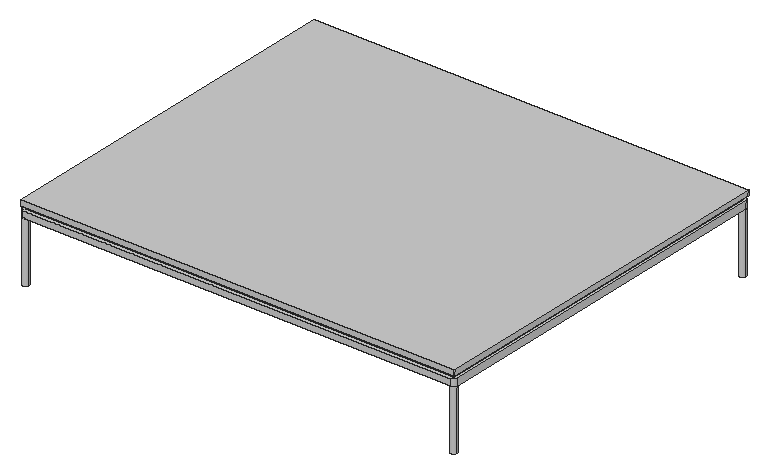
Revit family "Haworth_Mex-Hi_OccasionalTable", category Furniture, Revit 2018 (continued)
Definition of nested family "Haworth_Mex-Hi_Table_Frame-Small-PART"
  Forms (in)
    Extrusion 11, solid, material <- "Trim Finish"
      sketch origin (0.04687, -36.394, 3.79488) x (1, 0, 0) y (0, 1, 0)
        loop
          circle (7.7227, 20.48367) r 0.15717
      from 6.72301 to 8.24231
    Blend 12, solid, material <- "Trim Finish"
      base sketch origin (0.04687, -36.394, 3.79488) x (1, 0, 0) y (0, 1, 0)
        loop
          circle (7.7227, 20.48367) r 0.15717
      top sketch origin (0.04687, -36.394, 3.79488) x (1, 0, 0) y (0, 1, 0)
        loop
          circle (7.7227, 20.48367) r 0.10912
      from 8.24261 to 8.29182
    Extrusion 13, solid, material <- "Trim Finish"
      sketch origin (0.04687, -36.394, 3.79488) x (1, 0, 0) y (0, 1, 0)
        loop
          arc (7.09468, 19.89312) -> (7.7227, 20.03978) -> (8.35073, 19.89312) r 1.41798
          arc (8.35073, 19.89312) -> (8.37395, 19.89082) -> (8.39292, 19.90442) r 0.03309
          arc (8.39292, 19.90442) -> (8.48847, 20.04156) -> (8.55946, 20.19289) r 0.9848
          arc (8.55946, 20.19289) -> (8.55915, 20.21832) -> (8.54367, 20.2385) r 0.0403
          arc (8.54367, 20.2385) -> (8.1083, 20.7063) -> (7.92086, 21.31725) r 1.4265
          arc (7.92086, 21.31725) -> (7.91102, 21.34085) -> (7.88895, 21.35375) r 0.04024
          arc (7.88895, 21.35375) -> (7.7227, 21.37092) -> (7.55646, 21.35375) r 0.81353
          arc (7.55646, 21.35375) -> (7.53438, 21.34084) -> (7.52453, 21.31724) r 0.04026
          arc (7.52453, 21.31724) -> (7.34012, 20.70454) -> (6.90172, 20.23849) r 1.39588
          arc (6.90172, 20.23849) -> (6.88568, 20.21832) -> (6.88609, 20.19254) r 0.03826
          arc (6.88609, 20.19254) -> (6.95733, 20.04175) -> (7.0523, 19.90465) r 1.01541
          arc (7.0523, 19.90465) -> (7.07165, 19.89213) -> (7.09468, 19.89312) r 0.03795
      from 6.52714 to 6.91262
    Extrusion 14, solid, material <- "Trim Finish"
      sketch origin (-12.66166, -36.394, 3.79488) x (-1, 0, 0) y (0, -1, 0)
        loop
          circle (7.7227, -20.48367) r 0.37215
      from 6.91262 to 7.11257
    Extrusion 15, solid, material <- "Trim Finish"
      sketch origin (-12.66166, -36.394, 4.78241) x (-1, 0, 0) y (0, -1, 0)
        loop
          circle (7.7227, -20.48367) r 0.37215
      from 6.91262 to 7.11257
    Extrusion 16, solid, material <- "Trim Finish"
      sketch origin (-12.66166, -36.394, 3.79488) x (-1, 0, 0) y (0, -1, 0)
        loop
          circle (7.7227, -20.48367) r 0.15717
      from 6.72301 to 8.24231
    Blend 17, solid, material <- "Trim Finish"
      base sketch origin (-12.66166, -36.394, 3.79488) x (-1, 0, 0) y (0, -1, 0)
        loop
          circle (7.7227, -20.48367) r 0.15717
      top sketch origin (-12.66166, -36.394, 3.79488) x (-1, 0, 0) y (0, -1, 0)
        loop
          circle (7.7227, -20.48367) r 0.10912
      from 8.24261 to 8.29182
    Extrusion 18, solid, material <- "Trim Finish"
      sketch origin (-12.66166, -36.394, 3.79488) x (-1, 0, 0) y (0, -1, 0)
        loop
          arc (7.09468, -19.89312) -> (7.07165, -19.89213) -> (7.0523, -19.90465) r 0.03795
          arc (7.0523, -19.90465) -> (6.95733, -20.04175) -> (6.88609, -20.19254) r 1.01541
          arc (6.88609, -20.19254) -> (6.88568, -20.21832) -> (6.90172, -20.23849) r 0.03826
          arc (6.90172, -20.23849) -> (7.34012, -20.70454) -> (7.52453, -21.31724) r 1.39588
          arc (7.52453, -21.31724) -> (7.53438, -21.34084) -> (7.55646, -21.35375) r 0.04026
          arc (7.55646, -21.35375) -> (7.7227, -21.37092) -> (7.88895, -21.35375) r 0.81353
          arc (7.88895, -21.35375) -> (7.91102, -21.34085) -> (7.92086, -21.31725) r 0.04024
          arc (7.92086, -21.31725) -> (8.1083, -20.7063) -> (8.54367, -20.2385) r 1.4265
          arc (8.54367, -20.2385) -> (8.55915, -20.21832) -> (8.55946, -20.19289) r 0.0403
          arc (8.55946, -20.19289) -> (8.48847, -20.04156) -> (8.39292, -19.90442) r 0.9848
          arc (8.39292, -19.90442) -> (8.37395, -19.89082) -> (8.35073, -19.89312) r 0.03309
          arc (8.35073, -19.89312) -> (7.7227, -20.03978) -> (7.09468, -19.89312) r 1.41798
      from 6.52714 to 6.91262
    Extrusion 19, solid, material <- "Trim Finish"
      sketch origin (-12.66166, -0.91406, 3.79488) x (-1, 0, 0) y (0, -1, 0)
        loop
          circle (7.7227, 7.11633) r 0.37215
      from 6.91262 to 7.11257
    Extrusion 20, solid, material <- "Trim Finish"
      sketch origin (-12.66166, -0.91406, 4.78241) x (-1, 0, 0) y (0, -1, 0)
        loop
          circle (7.7227, 7.11633) r 0.37215
      from 6.91262 to 7.11257
    Extrusion 21, solid, material <- "Trim Finish"
      sketch origin (-12.66166, -0.91406, 3.79488) x (-1, 0, 0) y (0, -1, 0)
        loop
          circle (7.7227, 7.11633) r 0.15717
      from 6.72301 to 8.24231
    Blend 22, solid, material <- "Trim Finish"
      base sketch origin (-12.66166, -0.91406, 3.79488) x (-1, 0, 0) y (0, -1, 0)
        loop
          circle (7.7227, 7.11633) r 0.15717
      top sketch origin (-12.66166, -0.91406, 3.79488) x (-1, 0, 0) y (0, -1, 0)
        loop
          circle (7.7227, 7.11633) r 0.10912
      from 8.24261 to 8.29182
    Extrusion 23, solid, material <- "Trim Finish"
      sketch origin (-12.66166, -0.91406, 3.79488) x (-1, 0, 0) y (0, -1, 0)
        loop
          arc (7.09468, 7.70688) -> (7.07165, 7.70787) -> (7.0523, 7.69535) r 0.03795
          arc (7.0523, 7.69535) -> (6.95733, 7.55825) -> (6.88609, 7.40746) r 1.01541
          arc (6.88609, 7.40746) -> (6.88568, 7.38168) -> (6.90172, 7.36151) r 0.03826
          arc (6.90172, 7.36151) -> (7.34012, 6.89546) -> (7.52453, 6.28276) r 1.39588
          arc (7.52453, 6.28276) -> (7.53438, 6.25916) -> (7.55646, 6.24625) r 0.04026
          arc (7.55646, 6.24625) -> (7.7227, 6.22908) -> (7.88895, 6.24625) r 0.81353
          arc (7.88895, 6.24625) -> (7.91102, 6.25915) -> (7.92086, 6.28275) r 0.04024
          arc (7.92086, 6.28275) -> (8.1083, 6.8937) -> (8.54367, 7.3615) r 1.4265
          arc (8.54367, 7.3615) -> (8.55915, 7.38168) -> (8.55946, 7.40711) r 0.0403
          arc (8.55946, 7.40711) -> (8.48847, 7.55844) -> (8.39292, 7.69558) r 0.9848
          arc (8.39292, 7.69558) -> (8.37395, 7.70918) -> (8.35073, 7.70688) r 0.03309
          arc (8.35073, 7.70688) -> (7.7227, 7.56022) -> (7.09468, 7.70688) r 1.41798
      from 6.52714 to 6.91262
    Extrusion 24, solid, material <- "Frame Finish"
      sketch origin (0, 0, 0) x (1, 0, 0) y (0, 1, 0)
        loop
          line (-20.97491, -5.22495) -> (-20.97491, -17.77587) -> (-19.78356, -17.77587) -> (-19.78356, -5.22495) -> (-20.97491, -5.22495)
        loop
          line (8.36012, -5.22495) -> (7.16878, -5.22495) -> (7.16878, -17.77587) -> (8.36012, -17.77587) -> (8.36012, -5.22495)
      from 11.01272 to 11.79999
    Extrusion 25, solid, material <- "Frame Finish"
      sketch origin (0, 0, 0) x (1, 0, 0) y (0, 1, 0)
        loop
          line (-23.42619, -18.95677) -> (11.10773, -18.95677)
          arc (11.10773, -18.95677) -> (11.16346, -18.93369) -> (11.18654, -18.87796) r 0.07881
          line (11.18654, -18.87796) -> (11.18654, -4.12306)
          arc (11.18654, -4.12306) -> (11.16339, -4.06719) -> (11.10752, -4.04404) r 0.07902
          line (11.10752, -4.04404) -> (-23.34976, -4.04404)
          arc (-23.34976, -4.04404) -> (-23.4038, -4.06643) -> (-23.42619, -4.12047) r 0.07643
          line (-23.42619, -4.12047) -> (-23.42619, -18.95677)
      from 11.79999 to 11.99695
  Cuts and joins
    joined: Extrusion 3, Extrusion 24
  Lines and regions (in)
    Masking region 1
      outline origin (0, 0, 0) x (1, 0, 0) y (0, 1, 0)
        loop
          line (-23.81989, -4.05) -> (-23.81989, -18.95)
          arc (-23.81989, -18.95) -> (-23.70274, -19.23284) -> (-23.41989, -19.35) r 0.4
          line (-23.41989, -19.35) -> (11.18011, -19.35)
          arc (11.18011, -19.35) -> (11.46295, -19.23284) -> (11.58011, -18.95) r 0.4
          line (11.58011, -18.95) -> (11.58011, -4.05)
          arc (11.58011, -4.05) -> (11.46295, -3.76716) -> (11.18011, -3.65) r 0.4
          line (11.18011, -3.65) -> (-23.41989, -3.65)
          arc (-23.41989, -3.65) -> (-23.70274, -3.76716) -> (-23.81989, -4.05) r 0.4
        loop
          arc (10.51803, -18.36708) -> (10.57376, -18.34399) -> (10.59685, -18.28826) r 0.07882
          line (10.59685, -18.28826) -> (10.59684, -4.71375)
          arc (10.59684, -4.71375) -> (10.5734, -4.65718) -> (10.51684, -4.63375) r 0.08
          line (10.51684, -4.63375) -> (-22.7567, -4.63375)
          arc (-22.7567, -4.63375) -> (-22.81312, -4.65711) -> (-22.83648, -4.71352) r 0.07978
          line (-22.83648, -4.71352) -> (-22.83648, -18.28618)
          arc (-22.83648, -18.28618) -> (-22.81279, -18.34338) -> (-22.75559, -18.36707) r 0.08089
          line (-22.75559, -18.36707) -> (10.51803, -18.36708)
        loop
          line (-22.24501, -17.77587) -> (10.00536, -17.77586) -> (10.00535, -5.22496) -> (-22.24501, -5.22495) -> (-22.24501, -17.77587)
    symbolic lines
      curve 1: line (-22.24502, -7.70688, 0) -> (-22.24502, -6.51554, 0)
      curve 2: line (10.00535, -6.51554, 0) -> (10.00535, -7.70688, 0)
      curve 3: line (-22.24502, -14.39885, 0) -> (-22.24502, -13.20751, 0)
      curve 4: line (10.00535, -13.20751, 0) -> (10.00535, -14.39885, 0)
      curve 5: line (10.00535, -7.3517, 0) -> (10.00535, -8.54305, 0)
      curve 6: line (-22.24502, -8.54305, 0) -> (-22.24502, -7.3517, 0)
      curve 7: line (10.00535, -15.29392, 0) -> (10.00535, -16.48526, 0)
      curve 8: line (-22.24502, -16.48526, 0) -> (-22.24502, -15.29392, 0)
      curve 9: line (-5.52434, -17.77587, 0) -> (-6.71568, -17.77587, 0)
      curve 10: line (-5.52434, -5.22495, 0) -> (-5.52434, -17.77587, 0)
      curve 11: line (-6.71568, -5.22495, 0) -> (-5.52434, -5.22495, 0)
      curve 12: line (-6.71568, -17.77587, 0) -> (-6.71568, -5.22495, 0)
      curve 13: line (-20.97491, -5.22495, 0) -> (-19.78356, -5.22495, 0)
      curve 14: line (-20.97491, -17.77587, 0) -> (-20.97491, -5.22495, 0)
      curve 15: line (-19.78356, -17.77587, 0) -> (-20.97491, -17.77587, 0)
      curve 16: line (-19.78356, -5.22495, 0) -> (-19.78356, -17.77587, 0)
      curve 17: line (8.36012, -5.22495, 0) -> (7.16878, -5.22495, 0)
      curve 18: line (8.36012, -17.77587, 0) -> (8.36012, -5.22495, 0)
      curve 19: line (7.16878, -17.77587, 0) -> (8.36012, -17.77587, 0)
      curve 20: line (7.16878, -5.22495, 0) -> (7.16878, -17.77587, 0)
  Dimensions and locks (in)
    equal spacing: plane 8 "Left", plane 2 "Center L/R", plane 7 "Right"
    "Actual Width": plane 8 "Left" to plane 7 "Right"
    equal spacing: plane 5 "Back", plane 3 "Center F/B", plane 6 "Front"
    "Actual Depth": plane 5 "Back" to plane 6 "Front"
    "Actual Height": plane 4 "Top" to plane 1
    plane 9 to level = 11.99695"
    locked: plane 10 to plane 9 at 0.6
    aligned and locked: plane 9 to Extrusion 25
    aligned and locked: Extrusion 25 to Extrusion 1
  Automatic sketch dimensions
    Extrusion 1 sketch curve to plane 8 "Left" = 0.00"
    Extrusion 1 sketch curve to plane 5 "Back" = 0.00"
    Extrusion 1 sketch curve to plane 6 "Front" = 0.00"
    Extrusion 1 sketch curve to plane 7 "Right" = 0.00"
    plane 8 "Left" to Extrusion 1 sketch curve = 0.39371"
    plane 8 "Left" to Extrusion 1 sketch curve = 0.40"
    Extrusion 1 sketch curve to Extrusion 1 sketch curve = 0.00629"
    Extrusion 1 sketch curve to Extrusion 1 sketch curve = 0.03931"  (x3)
    Extrusion 1 sketch curve to Extrusion 1 sketch curve = 0.07014"
    Extrusion 1 sketch curve to Extrusion 1 sketch curve = 0.03937"
    Extrusion 1 sketch curve to Extrusion 1 sketch curve = 0.00005"
    Extrusion 1 sketch curve to Extrusion 1 sketch curve = 0.0047"  (x2)
    Extrusion 1 sketch curve to Extrusion 1 sketch curve = 0.51097"
    Extrusion 1 sketch curve to Extrusion 1 sketch curve = 0.07978"
    Extrusion 1 sketch curve to Extrusion 1 sketch curve = 0.08089"
    Extrusion 1 sketch curve to Extrusion 1 sketch curve = 0.00"  (x3)
    Extrusion 1 sketch curve to plane 7 "Right" = 1.06327"
    Extrusion 1 sketch curve to plane 7 "Right" = 1.06208"
    Extrusion 1 sketch curve to Extrusion 1 sketch curve = 0.08"
    Extrusion 1 sketch curve to Extrusion 1 sketch curve = 0.07882"
    Extrusion 1 sketch curve to plane 7 "Right" = 0.47259"
    Extrusion 1 sketch curve to plane 7 "Right" = 0.47238"
    Extrusion 1 sketch curve to Extrusion 1 sketch curve = 0.00067"  (x2)
    Extrusion 1 sketch curve to Extrusion 1 sketch curve = 0.00091"
    Extrusion 1 sketch curve to Extrusion 1 sketch curve = 0.03859"
    Extrusion 1 sketch curve to Extrusion 1 sketch curve = 0.07238"
    Extrusion 1 sketch curve to plane 7 "Right" = 0.40"
    Extrusion 1 sketch curve to Extrusion 1 sketch curve = 0.00677"
    Extrusion 1 sketch curve to Extrusion 1 sketch curve = 0.51089"
    Extrusion 1 sketch curve to Extrusion 1 sketch curve = 0.51096"
    Extrusion 1 sketch curve to Extrusion 1 sketch curve = 0.66375"
    Extrusion 1 sketch curve to Extrusion 1 sketch curve = 0.07518"
    Extrusion 1 sketch curve to Extrusion 1 sketch curve = 0.07306"
    plane 8 "Left" to Extrusion 2 sketch curve = 0.39356"  (x2)
    Extrusion 2 sketch curve to plane 7 "Right" = 0.39356"  (x2)
    plane 6 "Front" to Extrusion 2 sketch curve = 0.39322"  (x2)
    Extrusion 2 sketch curve to plane 5 "Back" = 0.39322"  (x2)
    plane 8 "Left" to Extrusion 3 sketch curve = 0.98341"
    Extrusion 3 sketch curve to Extrusion 3 sketch curve = 0.07978"
    Extrusion 3 sketch curve to Extrusion 3 sketch curve = 0.08089"
    Extrusion 3 sketch curve to Extrusion 3 sketch curve = 0.00"  (x4)
    Extrusion 3 sketch curve to Extrusion 3 sketch curve = 0.51059"
    Extrusion 3 sketch curve to plane 7 "Right" = 1.57476"
    Extrusion 3 sketch curve to plane 7 "Right" = 1.57475"
    Extrusion 3 sketch curve to Extrusion 3 sketch curve = 0.51149"
    Extrusion 3 sketch curve to Extrusion 3 sketch curve = 0.51267"
    Extrusion 3 sketch curve to Extrusion 3 sketch curve = 0.08"
    Extrusion 3 sketch curve to Extrusion 3 sketch curve = 0.07882"
    plane 6 "Front" to Extrusion 3 sketch curve = 0.98292"
    plane 6 "Front" to Extrusion 3 sketch curve = 0.98293"
    Extrusion 3 sketch curve to Extrusion 3 sketch curve = 0.5103"
    Extrusion 3 sketch curve to Extrusion 3 sketch curve = 0.5124"
    Extrusion 3 sketch curve to plane 5 "Back" = 1.57496"
    Extrusion 3 sketch curve to plane 5 "Back" = 1.57495"
    Extrusion 3 sketch curve to Extrusion 3 sketch curve = 0.51121"
    Masking region 1 sketch curve to plane 8 "Left" = 0.00"
    Masking region 1 sketch curve to plane 6 "Front" = 0.00"
    Masking region 1 sketch curve to plane 5 "Back" = 0.00"
    Masking region 1 sketch curve to plane 7 "Right" = 0.00"
    plane 8 "Left" to Masking region 1 sketch curve = 0.40"  (x2)
    Masking region 1 sketch curve to Masking region 1 sketch curve = 0.58341"
    Masking region 1 sketch curve to Masking region 1 sketch curve = 0.07978"
    Masking region 1 sketch curve to Masking region 1 sketch curve = 0.08089"
    Masking region 1 sketch curve to Masking region 1 sketch curve = 0.00"  (x4)
    Masking region 1 sketch curve to Masking region 1 sketch curve = 0.5117"
    Masking region 1 sketch curve to plane 7 "Right" = 1.57476"
    Masking region 1 sketch curve to plane 7 "Right" = 1.57475"
    Masking region 1 sketch curve to Masking region 1 sketch curve = 0.51149"
    Masking region 1 sketch curve to Masking region 1 sketch curve = 0.51267"
    Masking region 1 sketch curve to Masking region 1 sketch curve = 0.08"
    Masking region 1 sketch curve to Masking region 1 sketch curve = 0.07882"
    Masking region 1 sketch curve to plane 7 "Right" = 0.40"
    Masking region 1 sketch curve to Masking region 1 sketch curve = 0.40"
    Masking region 1 sketch curve to Masking region 1 sketch curve = 0.58292"
    Masking region 1 sketch curve to Masking region 1 sketch curve = 0.58293"
    Masking region 1 sketch curve to Masking region 1 sketch curve = 0.5103"
    Masking region 1 sketch curve to Masking region 1 sketch curve = 0.5124"
    Masking region 1 sketch curve to plane 5 "Back" = 1.57496"
    Masking region 1 sketch curve to plane 5 "Back" = 1.57495"
    Masking region 1 sketch curve to Masking region 1 sketch curve = 0.51121"
    Extrusion 4 sketch curve to plane 7 "Right" = 3.81053"
    Extrusion 4 sketch curve to plane 3 "Center F/B" = 3.4696"
    Extrusion 5 sketch curve to plane 7 "Right" = 3.81053"
    Extrusion 5 sketch curve to plane 3 "Center F/B" = 3.4696"
    Extrusion 6 sketch curve to plane 7 "Right" = 3.81053"
    Extrusion 6 sketch curve to plane 3 "Center F/B" = 3.4696"
    Blend 7 sketch curve to plane 7 "Right" = 3.81053"  (x2)
    Blend 7 sketch curve to plane 3 "Center F/B" = 3.4696"  (x2)
    Extrusion 8 sketch curve to plane 7 "Right" = 5.40197"
    Extrusion 8 sketch curve to Extrusion 8 sketch curve = 0.79065"
    Extrusion 8 sketch curve to Extrusion 8 sketch curve = 0.15971"
    Extrusion 8 sketch curve to Extrusion 8 sketch curve = 0.64278"
    Extrusion 8 sketch curve to Extrusion 8 sketch curve = 0.07093"
    Extrusion 8 sketch curve to Extrusion 8 sketch curve = 0.08709"
    Extrusion 8 sketch curve to Extrusion 8 sketch curve = 0.64108"
    Extrusion 8 sketch curve to Extrusion 8 sketch curve = 0.114"
    Extrusion 8 sketch curve to Extrusion 8 sketch curve = 0.31603"
    Extrusion 8 sketch curve to Extrusion 8 sketch curve = 0.52868"
    Extrusion 8 sketch curve to Extrusion 8 sketch curve = 0.15569"
    Extrusion 8 sketch curve to Extrusion 8 sketch curve = 1.46296"
    Extrusion 8 sketch curve to plane 3 "Center F/B" = 1.60773"
    Extrusion 8 sketch curve to Extrusion 8 sketch curve = 1.30099"
    Extrusion 8 sketch curve to Extrusion 8 sketch curve = 0.00596"
    Extrusion 8 sketch curve to Extrusion 8 sketch curve = 0.28235"
    Extrusion 8 sketch curve to Extrusion 8 sketch curve = 0.27724"
    Extrusion 8 sketch curve to Extrusion 8 sketch curve = 0.32797"
    Extrusion 8 sketch curve to Extrusion 8 sketch curve = 0.0155"
    Extrusion 8 sketch curve to Extrusion 8 sketch curve = 0.02344"
    Extrusion 8 sketch curve to Extrusion 8 sketch curve = 0.75695"
    Extrusion 8 sketch curve to Extrusion 8 sketch curve = 0.00002"
    Extrusion 8 sketch curve to Extrusion 8 sketch curve = 1.19649"
    Extrusion 8 sketch curve to Extrusion 8 sketch curve = 0.10519"
    Extrusion 8 sketch curve to Extrusion 8 sketch curve = 0.03582"
    Extrusion 8 sketch curve to Extrusion 8 sketch curve = 0.00"  (x7)
    Extrusion 8 sketch curve to Extrusion 8 sketch curve = 0.02019"
    Extrusion 8 sketch curve to Extrusion 8 sketch curve = 0.01306"
    Extrusion 8 sketch curve to Extrusion 8 sketch curve = 0.04016"
    Extrusion 8 sketch curve to Extrusion 8 sketch curve = 0.02753"
    Extrusion 9 sketch curve to plane 7 "Right" = 3.81053"
    plane 6 "Front" to Extrusion 9 sketch curve = 3.43967"
    Extrusion 10 sketch curve to plane 7 "Right" = 3.81053"
    plane 6 "Front" to Extrusion 10 sketch curve = 3.43967"
    Extrusion 11 sketch curve to plane 7 "Right" = 3.81053"
    plane 6 "Front" to Extrusion 11 sketch curve = 3.43967"
    Blend 12 sketch curve to plane 7 "Right" = 3.81053"  (x2)
    plane 6 "Front" to Blend 12 sketch curve = 3.43967"  (x2)
    Extrusion 13 sketch curve to plane 7 "Right" = 5.40197"
    Extrusion 13 sketch curve to Extrusion 13 sketch curve = 0.79065"
    Extrusion 13 sketch curve to Extrusion 13 sketch curve = 0.15971"
    Extrusion 13 sketch curve to Extrusion 13 sketch curve = 0.64278"
    Extrusion 13 sketch curve to Extrusion 13 sketch curve = 0.07093"
    Extrusion 13 sketch curve to Extrusion 13 sketch curve = 0.08709"
    Extrusion 13 sketch curve to Extrusion 13 sketch curve = 0.64108"
    Extrusion 13 sketch curve to Extrusion 13 sketch curve = 0.114"
    Extrusion 13 sketch curve to Extrusion 13 sketch curve = 0.31603"
    Extrusion 13 sketch curve to Extrusion 13 sketch curve = 0.52868"
    Extrusion 13 sketch curve to Extrusion 13 sketch curve = 0.15569"
    Extrusion 13 sketch curve to Extrusion 13 sketch curve = 1.46296"
    plane 6 "Front" to Extrusion 13 sketch curve = 1.5778"
    Extrusion 13 sketch curve to Extrusion 13 sketch curve = 1.30099"
    Extrusion 13 sketch curve to Extrusion 13 sketch curve = 0.00596"
    Extrusion 13 sketch curve to Extrusion 13 sketch curve = 0.28235"
    Extrusion 13 sketch curve to Extrusion 13 sketch curve = 0.27724"
    Extrusion 13 sketch curve to Extrusion 13 sketch curve = 0.32797"
    Extrusion 13 sketch curve to Extrusion 13 sketch curve = 0.0155"
    Extrusion 13 sketch curve to Extrusion 13 sketch curve = 0.02344"
    Extrusion 13 sketch curve to Extrusion 13 sketch curve = 0.75695"
    Extrusion 13 sketch curve to Extrusion 13 sketch curve = 0.00002"
    Extrusion 13 sketch curve to Extrusion 13 sketch curve = 1.19649"
    Extrusion 13 sketch curve to Extrusion 13 sketch curve = 0.10519"
    Extrusion 13 sketch curve to Extrusion 13 sketch curve = 0.03582"
    Extrusion 13 sketch curve to Extrusion 13 sketch curve = 0.00"  (x7)
    Extrusion 13 sketch curve to Extrusion 13 sketch curve = 0.02019"
    Extrusion 13 sketch curve to Extrusion 13 sketch curve = 0.01306"
    Extrusion 13 sketch curve to Extrusion 13 sketch curve = 0.04016"
    Extrusion 13 sketch curve to Extrusion 13 sketch curve = 0.02753"
    Extrusion 14 sketch curve to plane 8 "Left" = 3.43553"
    Extrusion 14 sketch curve to plane 6 "Front" = 3.43967"
    plane 8 "Left" to Extrusion 15 sketch curve = 3.43553"
    plane 6 "Front" to Extrusion 15 sketch curve = 3.43967"
    Extrusion 16 sketch curve to plane 8 "Left" = 3.43553"
    Extrusion 16 sketch curve to plane 6 "Front" = 3.43967"
    Blend 17 sketch curve to plane 8 "Left" = 3.43553"  (x2)
    Blend 17 sketch curve to plane 6 "Front" = 3.43967"  (x2)
    Extrusion 18 sketch curve to plane 8 "Left" = 5.02697"
    Extrusion 18 sketch curve to Extrusion 18 sketch curve = 0.79065"
    Extrusion 18 sketch curve to Extrusion 18 sketch curve = 0.15971"
    Extrusion 18 sketch curve to Extrusion 18 sketch curve = 0.64278"
    Extrusion 18 sketch curve to Extrusion 18 sketch curve = 0.07093"
    Extrusion 18 sketch curve to Extrusion 18 sketch curve = 0.08709"
    Extrusion 18 sketch curve to Extrusion 18 sketch curve = 0.64108"
    Extrusion 18 sketch curve to Extrusion 18 sketch curve = 0.114"
    Extrusion 18 sketch curve to Extrusion 18 sketch curve = 0.31603"
    Extrusion 18 sketch curve to Extrusion 18 sketch curve = 0.52868"
    Extrusion 18 sketch curve to Extrusion 18 sketch curve = 0.15569"
    Extrusion 18 sketch curve to Extrusion 18 sketch curve = 1.46296"
    Extrusion 18 sketch curve to plane 6 "Front" = 1.5778"
    Extrusion 18 sketch curve to Extrusion 18 sketch curve = 1.30099"
    Extrusion 18 sketch curve to Extrusion 18 sketch curve = 0.00596"
    Extrusion 18 sketch curve to Extrusion 18 sketch curve = 0.28235"
    Extrusion 18 sketch curve to Extrusion 18 sketch curve = 0.27724"
    Extrusion 18 sketch curve to Extrusion 18 sketch curve = 0.32797"
    Extrusion 18 sketch curve to Extrusion 18 sketch curve = 0.0155"
    Extrusion 18 sketch curve to Extrusion 18 sketch curve = 0.02344"
    Extrusion 18 sketch curve to Extrusion 18 sketch curve = 0.75695"
    Extrusion 18 sketch curve to Extrusion 18 sketch curve = 0.00002"
    Extrusion 18 sketch curve to Extrusion 18 sketch curve = 1.19649"
    Extrusion 18 sketch curve to Extrusion 18 sketch curve = 0.10519"
    Extrusion 18 sketch curve to Extrusion 18 sketch curve = 0.03582"
    Extrusion 18 sketch curve to Extrusion 18 sketch curve = 0.00"  (x7)
    Extrusion 18 sketch curve to Extrusion 18 sketch curve = 0.02019"
    Extrusion 18 sketch curve to Extrusion 18 sketch curve = 0.01306"
    Extrusion 18 sketch curve to Extrusion 18 sketch curve = 0.04016"
    Extrusion 18 sketch curve to Extrusion 18 sketch curve = 0.02753"
    plane 8 "Left" to Extrusion 19 sketch curve = 3.43553"
    Extrusion 19 sketch curve to plane 3 "Center F/B" = 3.4696"
    plane 8 "Left" to Extrusion 20 sketch curve = 3.43553"
    Extrusion 20 sketch curve to plane 3 "Center F/B" = 3.4696"
    plane 8 "Left" to Extrusion 21 sketch curve = 3.43553"
    Extrusion 21 sketch curve to plane 3 "Center F/B" = 3.4696"
    plane 8 "Left" to Blend 22 sketch curve = 3.43553"  (x2)
    Blend 22 sketch curve to plane 3 "Center F/B" = 3.4696"  (x2)
    plane 8 "Left" to Extrusion 23 sketch curve = 5.02697"
    Extrusion 23 sketch curve to Extrusion 23 sketch curve = 0.79065"
    Extrusion 23 sketch curve to Extrusion 23 sketch curve = 0.15971"
    Extrusion 23 sketch curve to Extrusion 23 sketch curve = 0.64278"
    Extrusion 23 sketch curve to Extrusion 23 sketch curve = 0.07093"
    Extrusion 23 sketch curve to Extrusion 23 sketch curve = 0.08709"
    Extrusion 23 sketch curve to Extrusion 23 sketch curve = 0.64108"
    Extrusion 23 sketch curve to Extrusion 23 sketch curve = 0.114"
    Extrusion 23 sketch curve to Extrusion 23 sketch curve = 0.31603"
    Extrusion 23 sketch curve to Extrusion 23 sketch curve = 0.52868"
    Extrusion 23 sketch curve to Extrusion 23 sketch curve = 0.15569"
    Extrusion 23 sketch curve to Extrusion 23 sketch curve = 1.46296"
    Extrusion 23 sketch curve to plane 5 "Back" = 3.44451"
    Extrusion 23 sketch curve to Extrusion 23 sketch curve = 0.01707"
    Extrusion 23 sketch curve to Extrusion 23 sketch curve = 0.10519"
    Extrusion 23 sketch curve to Extrusion 23 sketch curve = 0.00002"
    Extrusion 23 sketch curve to Extrusion 23 sketch curve = 0.75695"
    Extrusion 23 sketch curve to Extrusion 23 sketch curve = 0.00794"
    Extrusion 23 sketch curve to Extrusion 23 sketch curve = 0.02344"
    Extrusion 23 sketch curve to Extrusion 23 sketch curve = 0.32797"
    Extrusion 23 sketch curve to Extrusion 23 sketch curve = 0.34432"
    Extrusion 23 sketch curve to Extrusion 23 sketch curve = 0.27724"
    Extrusion 23 sketch curve to Extrusion 23 sketch curve = 0.28235"
    Extrusion 23 sketch curve to Extrusion 23 sketch curve = 1.30099"
    Extrusion 23 sketch curve to Extrusion 23 sketch curve = 0.03582"
    Extrusion 23 sketch curve to Extrusion 23 sketch curve = 0.00"  (x7)
    Extrusion 23 sketch curve to Extrusion 23 sketch curve = 0.02019"
    Extrusion 23 sketch curve to Extrusion 23 sketch curve = 0.01306"
    Extrusion 23 sketch curve to Extrusion 23 sketch curve = 0.04016"
    Extrusion 23 sketch curve to Extrusion 23 sketch curve = 0.02753"
    plane 8 "Left" to Extrusion 24 sketch curve = 2.84499"
    Extrusion 24 sketch curve to Extrusion 24 sketch curve = 1.19134"  (x2)
    plane 6 "Front" to Extrusion 24 sketch curve = 1.57413"  (x2)
    Extrusion 24 sketch curve to plane 7 "Right" = 4.41133"
    Extrusion 24 sketch curve to plane 5 "Back" = 1.57495"  (x2)
    plane 8 "Left" to curve 1 = 1.57488"
    plane 8 "Left" to curve 8 = 1.57488"
    curve 6 to curve 1 = 0.00"
    curve 3 to curve 8 = 0.00"
    curve 8 to curve 14 = 1.27011"
    curve 13 to curve 13 = 1.19134"
    curve 12 to plane 2 "Center L/R" = 0.59578"
    plane 2 "Center L/R" to curve 11 = 0.59555"
    curve 20 to plane 5 "Back" = 1.57495"
    curve 20 to plane 7 "Right" = 4.41133"
    curve 19 to curve 18 = 1.19134"
    curve 5 to plane 7 "Right" = 1.57476"
    curve 4 to plane 7 "Right" = 1.57476"
    curve 7 to curve 4 = 0.00"
    curve 2 to curve 5 = 0.00"
    curve 1 to plane 5 "Back" = 2.86554"
    curve 2 to curve 17 = 1.2906"
    curve 5 to curve 2 = 0.83616"  (x2)
    curve 6 to curve 1 = 0.83616"  (x2)
    curve 1 to curve 6 = 0.35518"
    curve 2 to curve 5 = 0.35518"
    plane 3 "Center F/B" to curve 3 = 1.70751"
    plane 3 "Center F/B" to curve 4 = 1.70751"
    curve 3 to curve 3 = 1.19134"
    curve 4 to curve 4 = 1.19134"
    curve 7 to curve 4 = 0.89507"
    curve 8 to curve 3 = 0.89507"
    curve 8 to curve 8 = 1.19134"
    curve 7 to curve 7 = 1.19134"
    plane 6 "Front" to curve 16 = 1.57413"
    plane 6 "Front" to curve 20 = 1.57413"
    plane 6 "Front" to curve 12 = 1.57413"
    curve 16 to plane 5 "Back" = 1.57495"
    curve 11 to plane 5 "Back" = 1.57495"
    plane 8 "Left" to Extrusion 25 sketch curve = 0.39371"
    Extrusion 25 sketch curve to plane 7 "Right" = 0.47238"
    plane 6 "Front" to Extrusion 25 sketch curve = 0.39323"
    Extrusion 25 sketch curve to plane 5 "Back" = 0.47047"
    Extrusion 25 sketch curve to Extrusion 25 sketch curve = 0.07881"
    Extrusion 25 sketch curve to Extrusion 25 sketch curve = 0.07643"
    Extrusion 25 sketch curve to Extrusion 25 sketch curve = 0.07902"
    radius of Extrusion 2 sketch curve = 0.39086"  (x4)
    radius of Extrusion 4 sketch curve = 0.37215"
    radius of Extrusion 5 sketch curve = 0.37215"
    radius of Extrusion 6 sketch curve = 0.15717"
    radius of Blend 7 sketch curve = 0.15717"
    radius of Blend 7 sketch curve = 0.10912"
    radius of Extrusion 9 sketch curve = 0.37215"
    radius of Extrusion 10 sketch curve = 0.37215"
    radius of Extrusion 11 sketch curve = 0.15717"
    radius of Blend 12 sketch curve = 0.15717"
    radius of Blend 12 sketch curve = 0.10912"
    radius of Extrusion 14 sketch curve = 0.37215"
    radius of Extrusion 15 sketch curve = 0.37215"
    radius of Extrusion 16 sketch curve = 0.15717"
    radius of Blend 17 sketch curve = 0.15717"
    radius of Blend 17 sketch curve = 0.10912"
    radius of Extrusion 19 sketch curve = 0.37215"
    radius of Extrusion 20 sketch curve = 0.37215"
    radius of Extrusion 21 sketch curve = 0.15717"
    radius of Blend 22 sketch curve = 0.15717"
    radius of Blend 22 sketch curve = 0.10912"
Definition of nested family "Haworth_Mex-Hi_Table_WoodTray-PART"
  Parameters (values of type "Wood Tray - PART")
    Warranty = "http://www.haworth.com/resources/product-info/warranties"
    URL - Product = "https://www.haworth.com/na/en/products/side-occasional/mex-hi-tables.html"
    URL = "https://www.haworth.com/na/en/about/brands/haworth-collection.html"
    Tray Finish [instance] = none
    Sustainability Info = "https://www.haworth.com/na/en/expertise/sustainability.html"
    Size = "Verify Final Dim. w/ Haworth"  # constant formula
    Revision Number = "1"  # constant formula
    Model = "Haworth - Cassina - Mex-Hi"  # constant formula
    Manufacturer = "Haworth"  # constant formula
    Description = "Haworth - Cassina - Mex-Hi - Wood Tray - PART"  # constant formula
    Author = "Haworth (Abd Rahman)"  # constant formula
    Assembly Code = "E2020200"
    Actual Width = 35.40"
    Actual Height = 8.70"  # constant formula
    Actual Depth = 15.70"
  Reference planes (in)
    plane 1: z = 0
    plane 2 "Center L/R": x = -6.11989
    plane 3 "Center F/B": y = -11.5
    plane 4: z = 8.7
    plane 5 "Back": y = -3.65
    plane 6 "Front": y = -19.35
    plane 7 "Right": x = 11.58011
    plane 8 "Left": x = -23.81989
    plane 9: z = 11.99696
    plane 10: z = 14.397
    plane 11: y = -3.9648
    plane 12: x = -23.50509
    plane 13: y = -19.0352
    plane 14: x = 11.2653
  Forms (in)
    Extrusion 1, solid, material <- "Tray Finish"
      sketch origin (0, 0, 0) x (1, 0, 0) y (0, 1, 0)
        loop
          line (-23.81989, -3.68935) -> (-23.81989, -19.31065) -> (-23.78054, -19.31065) -> (-23.78054, -19.35) -> (11.54076, -19.35) -> (11.54076, -19.31065) -> (11.58011, -19.31065) -> (11.58011, -3.68935) -> (11.54076, -3.68935) -> (11.54076, -3.64999) -> (-23.78054, -3.65) -> (-23.78054, -3.68935) -> (-23.81989, -3.68935)
        loop
          line (11.2653, -3.9648) -> (-23.50509, -3.9648) -> (-23.50509, -19.0352) -> (11.2653, -19.0352) -> (11.2653, -3.9648)
      from 11.99696 to 14.397
    Extrusion 2, solid, material <- "Tray Finish"
      sketch origin (0, 0, 0) x (1, 0, 0) y (0, 1, 0)
        loop
          line (11.54076, -3.65) -> (-23.78054, -3.65) -> (-23.78054, -3.68935) -> (-23.81989, -3.68935) -> (-23.81989, -19.31065) -> (-23.78054, -19.31065) -> (-23.78054, -19.35) -> (11.54076, -19.35) -> (11.54076, -19.31065) -> (11.58011, -19.31065) -> (11.58011, -3.68935) -> (11.54076, -3.68935) -> (11.54076, -3.65)
      from 11.99696 to 12.3118
  Cuts and joins
    joined: Extrusion 1, Extrusion 2
  Lines and regions (in)
    Masking region 1
      outline origin (0, 0, 0) x (1, 0, 0) y (0, 1, 0)
        loop
          line (-23.81989, -3.65) -> (-23.81989, -19.35) -> (11.58011, -19.35) -> (11.58011, -3.65) -> (-23.81989, -3.65)
        loop
          line (-23.50509, -19.0352) -> (11.2653, -19.0352) -> (11.2653, -3.9648) -> (-23.50509, -3.9648) -> (-23.50509, -19.0352)
  Dimensions and locks (in)
    equal spacing: plane 8 "Left", plane 2 "Center L/R", plane 7 "Right"
    "Actual Width": plane 8 "Left" to plane 7 "Right"
    equal spacing: plane 5 "Back", plane 3 "Center F/B", plane 6 "Front"
    "Actual Depth": plane 5 "Back" to plane 6 "Front"
    locked: plane 14 to plane 7 "Right" at 0.31481
    locked: plane 8 "Left" to plane 12 at 0.31481
    locked: plane 5 "Back" to plane 11 at 0.3148
    locked: plane 13 to plane 6 "Front" at 0.3148
    aligned and locked: plane 10 to cut or joined group of Extrusion 1, Extrusion 2
    aligned and locked: cut or joined group of Extrusion 1, Extrusion 2 to plane 9
    aligned and locked: Masking region 1 sketch curve to plane 5 "Back"
    aligned and locked: plane 8 "Left" to Masking region 1 sketch curve
    aligned and locked: plane 6 "Front" to Masking region 1 sketch curve
    aligned and locked: Masking region 1 sketch curve to plane 7 "Right"
    aligned and locked: Masking region 1 sketch curve to plane 11
    aligned and locked: Masking region 1 sketch curve to plane 12
    aligned and locked: Masking region 1 sketch curve to plane 14
    aligned and locked: Masking region 1 sketch curve to plane 13
    aligned and locked: Extrusion 1 sketch curve to plane 8 "Left"
    aligned and locked: Extrusion 1 sketch curve to plane 6 "Front"
    aligned and locked: Extrusion 1 sketch curve to plane 7 "Right"
    aligned and locked: Extrusion 1 sketch curve to plane 14
    aligned and locked: Extrusion 1 sketch curve to plane 13
    aligned and locked: Extrusion 1 sketch curve to plane 12
    aligned and locked: Extrusion 1 sketch curve to plane 11
    aligned and locked: plane 5 "Back" to Extrusion 2 sketch curve
    aligned and locked: Extrusion 2 sketch curve to plane 8 "Left"
    aligned and locked: Extrusion 2 sketch curve to plane 6 "Front"
    aligned and locked: plane 7 "Right" to Extrusion 2 sketch curve
  Automatic sketch dimensions
    Extrusion 1 sketch curve to plane 5 "Back" = 0.00"
    plane 8 "Left" to Extrusion 1 sketch curve = 0.03935"
    Extrusion 1 sketch curve to Extrusion 1 sketch curve = 0.03935"  (x2)
    plane 5 "Back" to Extrusion 1 sketch curve = 0.00001"
    Extrusion 1 sketch curve to plane 7 "Right" = 0.03935"  (x2)
    plane 6 "Front" to Extrusion 1 sketch curve = 0.03935"  (x2)
    Extrusion 1 sketch curve to Extrusion 1 sketch curve = 0.03936"
    Extrusion 2 sketch curve to plane 7 "Right" = 0.03935"
    plane 8 "Left" to Extrusion 2 sketch curve = 0.03935"  (x2)
    Extrusion 2 sketch curve to plane 5 "Back" = 0.03935"  (x2)
    plane 6 "Front" to Extrusion 2 sketch curve = 0.03935"
    Extrusion 2 sketch curve to Extrusion 2 sketch curve = 0.03935"  (x2)
Definition of nested family "Haworth_Mex-Hi_Table_TableTop-PART"
  Parameters (values of type "Table Top - PART")
    Warranty = "http://www.haworth.com/resources/product-info/warranties"
    URL - Product = "https://www.haworth.com/na/en/products/side-occasional/mex-hi-tables.html"
    URL = "https://www.haworth.com/na/en/about/brands/haworth-collection.html"
    Table Finish [instance] = none
    Sustainability Info = "https://www.haworth.com/na/en/expertise/sustainability.html"
    Size = "Verify Final Dim. w/ Haworth"  # constant formula
    Revision Number = "1"  # constant formula
    Model = "Haworth - Cassina - Mex-Hi"  # constant formula
    Manufacturer = "Haworth"  # constant formula
    Description = "Haworth - Cassina - Mex-Hi - Table Top - PART"  # constant formula
    Author = "Haworth (Abd Rahman)"  # constant formula
    Assembly Code = "E2020200"
    Actual Width = 35.40"
    Actual Height = 8.70"
    Actual Depth = 15.70"
  Reference planes (in)
    plane 1: z = 0
    plane 2 "Center L/R": x = -6.11989
    plane 3 "Center F/B": y = -11.5
    plane 4: z = 8.7
    plane 5 "Back": y = -3.65
    plane 6 "Front": y = -19.35
    plane 7 "Right": x = 11.58011
    plane 8 "Left": x = -23.81989
    plane 9: z = 11.99696
    plane 10: z = 12.59696
  Forms (in)
    Extrusion 1, solid, material <- "Table Finish"
      sketch origin (0, 0, 0) x (1, 0, 0) y (0, 1, 0)
        loop
          arc (-23.71989, -3.65) -> (-23.7906, -3.67929) -> (-23.81989, -3.75) r 0.1
          line (-23.81989, -3.75) -> (-23.81989, -19.25)
          arc (-23.81989, -19.25) -> (-23.7906, -19.32071) -> (-23.71989, -19.35) r 0.1
          line (-23.71989, -19.35) -> (11.48011, -19.35)
          arc (11.48011, -19.35) -> (11.55082, -19.32071) -> (11.58011, -19.25) r 0.1
          line (11.58011, -19.25) -> (11.58011, -3.75)
          arc (11.58011, -3.75) -> (11.55082, -3.67929) -> (11.48011, -3.65) r 0.1
          line (11.48011, -3.65) -> (-23.71989, -3.65)
      from 11.99696 to 12.59696
  Lines and regions (in)
    Masking region 1
      outline origin (0, 0, 0) x (1, 0, 0) y (0, 1, 0)
        loop
          line (-23.81989, -3.65) -> (-23.81989, -19.35) -> (11.58011, -19.35) -> (11.58011, -3.65) -> (-23.81989, -3.65)
  Dimensions and locks (in)
    equal spacing: plane 8 "Left", plane 2 "Center L/R", plane 7 "Right"
    "Actual Width": plane 8 "Left" to plane 7 "Right"
    equal spacing: plane 5 "Back", plane 3 "Center F/B", plane 6 "Front"
    "Actual Depth": plane 5 "Back" to plane 6 "Front"
    locked: plane 10 to plane 9 at 0.6
    aligned and locked: Extrusion 1 sketch curve to plane 7 "Right"
    aligned and locked: Extrusion 1 sketch curve to plane 6 "Front"
    aligned and locked: Extrusion 1 sketch curve to plane 5 "Back"
    aligned and locked: Extrusion 1 sketch curve to plane 8 "Left"
    aligned and locked: plane 10 to Extrusion 1
    aligned and locked: Extrusion 1 to plane 9
    aligned and locked: Masking region 1 sketch curve to plane 7 "Right"
    aligned and locked: Masking region 1 sketch curve to plane 5 "Back"
    aligned and locked: plane 6 "Front" to Masking region 1 sketch curve
    aligned and locked: plane 8 "Left" to Masking region 1 sketch curve
  Automatic sketch dimensions
    plane 8 "Left" to Extrusion 1 sketch curve = 0.10"  (x2)
    Extrusion 1 sketch curve to Extrusion 1 sketch curve = 0.10"  (x2)
Types (4): name | Wood Tray | Tray Depth | Top Offset | Stone Top | Small | Large w/Wood Tray | Large | Actual Width | Actual Height | Actual Depth
  Small with Wood Tray | yes | 15.70" | 12.69" | no | yes | no | no | 35.40" | 14.20" | 15.70"
  Small with Stone Top | no | 15.70" | 12.69" | yes | yes | no | no | 35.40" | 14.20" | 15.70"
  Large with Stone Top and Wood Tray | no | 43.30" | 8.89" | yes | no | yes | yes | 51.20" | 8.70" | 43.30"
  Large with Stone Top | no | 43.30" | 8.89" | yes | no | no | yes | 51.20" | 8.70" | 43.30"
